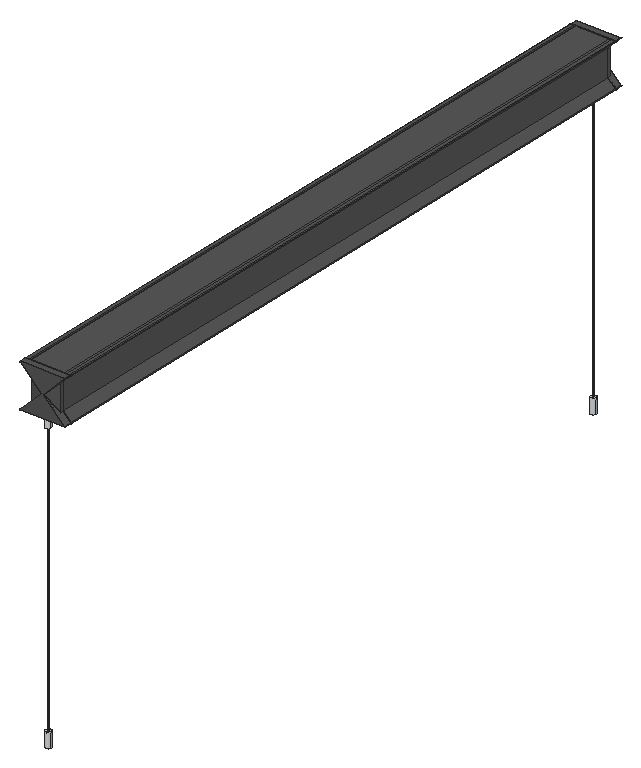
Revit family "LUX-P-DI", category Lighting Fixtures, host Face, Revit 2018
Family settings
  Host = Face
  Round Connector Dimension = Use Diameter
  Part Type = Normal
  Cut with Voids When Loaded = No
  Light Source = Yes
  Shared = Yes
  Room Calculation Point = Yes
Parameters (values of type "4' Direct/ Indirect")
  Wattage = 35.2941 W
  built-in parameter 1150110 = 1 (stored number, unit not read)
  Voltage = 0 V
  built-in parameter 1114217 = 1 (stored number, unit not read)
  Tilt Angle = 90.00°
  built-in parameter 1150109 = 1 (stored number, unit not read)
  built-in parameter 1150134 = 12
  Switch Leg Visibility = no
  Switch Leg [instance] = ""
  Suspension Length [instance] = 2' - 0"
  built-in parameter 1150113 = 1 (stored number, unit not read)
  Photometric Web File = "Lux P-DI 375 375 4 40K.ies"
  Material [instance] = LUX ILLUMINAIRE Black
  built-in parameter 1150105 = 238.73 (stored number, unit not read)
  Lumens = 3000 lm
  built-in parameter 1150115 = 1 (stored number, unit not read)
  built-in parameter 1150137 = (empty or 0)
  built-in parameter 1150139 = (empty or 0)
  built-in parameter 1150112 = 1 (stored number, unit not read)
  built-in parameter 1150114 = 1 (stored number, unit not read)
  Lamp = "LED"
  built-in parameter 1150132 = 2
  built-in parameter 1150102 = (empty or 0)
  built-in parameter 1150107 = 4000 (stored number, unit not read)
  built-in parameter 1150138 = (empty or 0)
  built-in parameter 1150106 = 2.3873 (stored number, unit not read)
  Fixture Width = 0' - 2 1/4"  # constant formula
  Fixture Symbol Visiblity = yes
  Fixture Length = 4' - 0"
  End Cap Height [instance] = Suspension Length - 0' 3 1/16"  # 1' - 8 15/16"
  End Cap - Sculpted = yes
  End Cap - Flat = no
  Emit from Rectangle Width = Fixture Width + 0' 0 1/4"  # 0' - 2 1/2"
  Emit from Rectangle Length = Fixture Length  # 4' - 0"
  Emit Shape Visible in Rendering = yes
  Emergency Lighting [instance] = no
  built-in parameter 1150104 = 7.8968 (stored number, unit not read)
  Dimming Lamp Color Temperature Shift = <None>
  Default Elevation = 4' - 0"
  Color Filter = 16777215
  built-in parameter 1140040 [instance] = 1
  built-in parameter 1114218 = 1 (stored number, unit not read)
  built-in parameter 1150133 = 10 (stored number, unit not read)
  Apparent Load = 24.6 VA
Types (6): name | Wattage | built-in parameter 1150105 | Lumens | built-in parameter 1150106 | Fixture Length | Emit from Rectangle Length | Apparent Load
  3' Direct/ Indirect | 26.4706 W | 179.05 (stored number, unit not read) | 2250 lm | 1.7905 (stored number, unit not read) | 3' - 0" | 3' - 0" | 18.5 VA
  4' Direct/ Indirect | 35.2941 W | 238.73 (stored number, unit not read) | 3000 lm | 2.3873 (stored number, unit not read) | 4' - 0" | 4' - 0" | 24.6 VA
  5' Direct/ Indirect | 44.1176 W | 298.42 (stored number, unit not read) | 3750 lm | 2.9842 (stored number, unit not read) | 5' - 0" | 5' - 0" | 30.7 VA
  6' Direct/ Indirect | 52.9412 W | 358.1 (stored number, unit not read) | 4500 lm | 3.581 (stored number, unit not read) | 6' - 0" | 6' - 0" | 36.9 VA
  7' Direct/ Indirect | 61.7647 W | 417.78 (stored number, unit not read) | 5250 lm | 4.1778 (stored number, unit not read) | 7' - 0" | 7' - 0" | 43 VA
  8' Direct/ Indirect | 70.5882 W | 477.46 (stored number, unit not read) | 6000 lm | 4.7746 (stored number, unit not read) | 8' - 0" | 8' - 0" | 49.2 VA
Reference planes (in)
  plane 1 "Center (Front/Back)": y = 0
  plane 2: z = 0
  plane 3 "Center (Left/Right)": x = 0
  plane 4: x = 1.125
  plane 5: x = -1.125
  plane 6: y = 24
  plane 7: y = -24
  plane 8: z = 24
  plane 9: y = 24.25
  plane 10: y = -24.25
  plane 11: z = 1
  plane 12: z = 20.9375
  plane 13: z = 20.1875
  plane 14: y = 24.5
  plane 15: y = -24.5
Forms (in)
  Extrusion 1, solid
    sketch origin (0, 0, 0) x (1, 0, 0) y (0, 1, 0)
      loop
        circle (0.00029, -24) r 0.1875
    from 0 to 1
  Extrusion 2, solid
    sketch origin (0, 0, 0) x (1, 0, 0) y (0, 1, 0)
      loop
        circle (0.0005, -24) r 0.03125
    from 1 to 20.1875
  Extrusion 3, solid
    sketch origin (0, 0, 0) x (1, 0, 0) y (0, 1, 0)
      loop
        circle (0.0005, -24) r 0.18729
    from 20.1875 to 20.9375
  Extrusion 4, solid, not visible
    sketch origin (0, 0, 0) x (1, 0, 0) y (0, 1, 0)
      loop
        circle (0.00029, -24) r 0.1875
    from 0 to 1
  Extrusion 5, solid, not visible
    sketch origin (0, 0, 0) x (1, 0, 0) y (0, 1, 0)
      loop
        circle (0.0005, -24) r 0.03125
    from 1 to 13.33203
  Extrusion 6, solid, not visible
    sketch origin (0, 0, 0) x (1, 0, 0) y (0, 1, 0)
      loop
        circle (0.0005, -24) r 0.18729
    from 13.33203 to 14.08203
  Extrusion 7, solid
    sketch origin (0, 0, 0) x (1, 0, 0) y (0, 1, 0)
      loop
        circle (0.00029, 24) r 0.1875
    from 0 to 1
  Extrusion 8, solid
    sketch origin (0, 0, 0) x (1, 0, 0) y (0, 1, 0)
      loop
        circle (0.0005, 24) r 0.03125
    from 1 to 20.1875
  Extrusion 9, solid
    sketch origin (0, 0, 0) x (1, 0, 0) y (0, 1, 0)
      loop
        circle (0.0005, 24) r 0.18729
    from 20.1875 to 20.9375
  Extrusion 10, solid, material "LUX ILLUMINAIRE Black" <- "Material", visible <- "End Cap - Flat"
    sketch origin (0, 0, 4.28854) x (1, 0, 0) y (0, 0, 1)
      loop
        line (-1.56538, 19.67407) -> (-1.01751, 19.1262) -> (-1.01751, 17.23374) -> (-1.56538, 16.68586)
        arc (-1.56538, 16.68586) -> (-1.56878, 16.66199) -> (-1.54849, 16.64897) r 0.02231
        line (-1.54849, 16.64897) -> (1.54849, 16.64897)
        arc (1.54849, 16.64897) -> (1.56878, 16.66199) -> (1.56538, 16.68586) r 0.02231
        line (1.56538, 16.68586) -> (1.01895, 17.23374) -> (1.01895, 19.1262) -> (1.56683, 19.67407)
        arc (1.56683, 19.67407) -> (1.56878, 19.69794) -> (1.54849, 19.71097) r 0.02231
        line (1.54849, 19.71097) -> (-1.54849, 19.71097)
        arc (-1.54849, 19.71097) -> (-1.56878, 19.69794) -> (-1.56538, 19.67407) r 0.02231
    from 24 to 24.25
  Extrusion 11, solid, material "LUX ILLUMINAIRE Black" <- "Material", visible <- "End Cap - Flat"
    sketch origin (0, 0, 4.28854) x (1, 0, 0) y (0, 0, -1)
      loop
        arc (-1.56538, -19.67407) -> (-1.56878, -19.69794) -> (-1.54849, -19.71097) r 0.02231
        line (-1.54849, -19.71097) -> (1.54849, -19.71097)
        arc (1.54849, -19.71097) -> (1.56878, -19.69794) -> (1.56683, -19.67407) r 0.02231
        line (1.56683, -19.67407) -> (1.01895, -19.1262) -> (1.01895, -17.23374) -> (1.56538, -16.68586)
        arc (1.56538, -16.68586) -> (1.56878, -16.66199) -> (1.54849, -16.64897) r 0.02231
        line (1.54849, -16.64897) -> (-1.54849, -16.64897)
        arc (-1.54849, -16.64897) -> (-1.56878, -16.66199) -> (-1.56538, -16.68586) r 0.02231
        line (-1.56538, -16.68586) -> (-1.01751, -17.23374) -> (-1.01751, -19.1262) -> (-1.56538, -19.67407)
    from 24 to 24.25
  Extrusion 12, solid, material "LUX ILLUMINAIRE Black" <- "Material"
    sketch origin (-1.08741, 0, 32.34655) x (1, 0, 0) y (0, 0, 1)
      loop
        line (2.40203, -11.40905) -> (2.40203, -11.37776) -> (2.22754, -11.40905) -> (-0.05203, -11.40905) -> (-0.22687, -11.37776) -> (-0.22687, -11.40905) -> (-0.46108, -11.40905)
        arc (-0.46108, -11.40905) -> (-0.48137, -11.39602) -> (-0.47797, -11.37216) r 0.02231
        line (-0.47797, -11.37216) -> (0.0699, -10.82428) -> (0.0699, -8.93182) -> (-0.47797, -8.38394)
        arc (-0.47797, -8.38394) -> (-0.48137, -8.36007) -> (-0.46108, -8.34705) r 0.02231
        line (-0.46108, -8.34705) -> (-0.22687, -8.34705) -> (-0.22687, -8.37833) -> (-0.05255, -8.34714) -> (2.22737, -8.34714) -> (2.40203, -8.3784) -> (2.40203, -8.34711) -> (2.6359, -8.34711)
        arc (2.6359, -8.34711) -> (2.65619, -8.36013) -> (2.6528, -8.384) r 0.02231
        line (2.6528, -8.384) -> (2.10636, -8.93188) -> (2.10636, -10.82434) -> (2.65424, -11.37216)
        arc (2.65424, -11.37216) -> (2.65619, -11.39602) -> (2.6359, -11.40905) r 0.02231
        line (2.6359, -11.40905) -> (2.40813, -11.40905)
    from -24 to 24
  Extrusion 13, solid, material "LUX ILLUMINAIRE Black" <- "Material", visible <- "End Cap - Sculpted"
    sketch origin (0, 0, 4.28901) x (1, 0, 0) y (0, 0, -1)
      loop
        line (-1.54849, -19.71097) -> (1.54849, -19.71097)
        arc (1.54849, -19.71097) -> (1.56878, -19.69794) -> (1.56683, -19.67407) r 0.02231
        line (1.56683, -19.67407) -> (0.07272, -18.17997) -> (1.56538, -16.68586)
        arc (1.56538, -16.68586) -> (1.56878, -16.66199) -> (1.54849, -16.64897) r 0.02231
        line (1.54849, -16.64897) -> (-1.54849, -16.64897)
        arc (-1.54849, -16.64897) -> (-1.56878, -16.66199) -> (-1.56538, -16.68586) r 0.02231
        line (-1.56538, -16.68586) -> (-0.07128, -18.17997) -> (-1.56538, -19.67407)
        arc (-1.56538, -19.67407) -> (-1.56878, -19.69794) -> (-1.54849, -19.71097) r 0.02231
    from 24 to 24.5
  Extrusion 14, solid, material "LUX ILLUMINAIRE Black" <- "Material", visible <- "End Cap - Sculpted"
    sketch origin (0, 0, 0) x (1, 0, 0) y (0, 1, 0)
      loop
        line (-1.01751, 24) -> (1.01895, 24) -> (1.01895, 24.19087) -> (0.07138, 24.47835) -> (-0.07128, 24.47835) -> (-1.01751, 24.19087) -> (-1.01751, 24)
    from 20.9375 <- "End Cap Height" to 24 <- "Suspension Length"
  Extrusion 15, solid, material "LUX ILLUMINAIRE Black" <- "Material", visible <- "End Cap - Sculpted"
    sketch origin (0, 0, 4.28901) x (1, 0, 0) y (0, 0, 1)
      loop
        arc (-1.54849, 19.71097) -> (-1.56878, 19.69794) -> (-1.56538, 19.67407) r 0.02231
        line (-1.56538, 19.67407) -> (-0.07128, 18.17997) -> (-1.56538, 16.68586)
        arc (-1.56538, 16.68586) -> (-1.56878, 16.66199) -> (-1.54849, 16.64897) r 0.02231
        line (-1.54849, 16.64897) -> (1.54849, 16.64897)
        arc (1.54849, 16.64897) -> (1.56878, 16.66199) -> (1.56538, 16.68586) r 0.02231
        line (1.56538, 16.68586) -> (0.07272, 18.17997) -> (1.56683, 19.67407)
        arc (1.56683, 19.67407) -> (1.56878, 19.69794) -> (1.54849, 19.71097) r 0.02231
        line (1.54849, 19.71097) -> (-1.54849, 19.71097)
    from 24 to 24.5
  Extrusion 16, solid, material "LUX ILLUMINAIRE Black" <- "Material", visible <- "End Cap - Sculpted"
    sketch origin (0, 0, 0) x (1, 0, 0) y (0, 1, 0)
      loop
        line (-1.01751, -24) -> (-1.01751, -24.19087) -> (-0.07128, -24.47835) -> (0.07138, -24.47835) -> (1.01895, -24.19087) -> (1.01895, -24) -> (-1.01751, -24)
    from 20.9375 <- "End Cap Height" to 24 <- "Suspension Length"
Cuts and joins
  joined: Extrusion 13, Extrusion 14
  joined: Extrusion 15, Extrusion 16
Lines and regions (in)
  symbolic lines, visible <- "Fixture Symbol Visiblity"
    curve 1: line (-1.125, 24, 0) -> (1.125, 24, 0)
    curve 2: line (-1.125, -24, 0) -> (-1.125, 24, 0)
    curve 3: line (1.125, -24, 0) -> (-1.125, -24, 0)
    curve 4: line (1.125, 24, 0) -> (1.125, -24, 0)
Dimensions and locks (in)
  plane 5 to plane 4 = 0' - 2 1/4"
  equal spacing: plane 7, plane 1 "Center (Front/Back)", plane 6
  "Fixture Length": plane 7 to plane 6
  plane 8 to host face = 2' - 0"
  plane 6 to plane 9 to plane 14 = 0' - 0 1/4" locked, 0' - 0 1/4" locked
  plane 15 to plane 10 to plane 7 = 0' - 0 1/4" locked, 0' - 0 1/4" locked
  plane 8 to plane 12 to plane 13 = 0' - 3 1/16", 0' - 0 3/4"
  "Suspension Length": plane 8 to level
  "Fixture Width": plane 4 to plane 5
  equal spacing: plane 4, plane 3 "Center (Left/Right)", plane 5
  locked: nested 2 to plane 10 at 9.5
  locked: plane 8 to imposter light at 0.10458
  nested 3 to plane 12 = 0' - 0 1/8"
  aligned and locked: plane 2 to host face
  aligned and locked: level to host face
  aligned and locked: plane 12 to Extrusion 9
  aligned and locked: Extrusion 9 to plane 13
  aligned and locked: plane 13 to Extrusion 8
  aligned and locked: plane 12 to Extrusion 3
  aligned and locked: Extrusion 3 to plane 13
  aligned and locked: plane 13 to Extrusion 2
  aligned and locked: plane 7 to nested 1
  aligned and locked: plane 6 to curve 1
  aligned and locked: plane 5 to curve 2
  aligned and locked: curve 3 to plane 7
  aligned and locked: curve 4 to plane 4
  aligned and locked: nested 1 to plane 6
  aligned and locked: Extrusion 13 to plane 14
  aligned and locked: Extrusion 11 to plane 9
  aligned and locked: Extrusion 12 to plane 6
  aligned and locked: plane 6 to Extrusion 11
  aligned and locked: plane 6 to Extrusion 13
  aligned and locked: plane 15 to Extrusion 15
  aligned and locked: plane 10 to Extrusion 10
  aligned and locked: plane 7 to Extrusion 12
  aligned and locked: Extrusion 10 to plane 7
  aligned and locked: Extrusion 15 to plane 7
Automatic sketch dimensions
  host sketch curve to host sketch curve = 8' - 0"  (x2)
  plane 7 to Extrusion 1 sketch curve = 0' - 0"
  plane 3 "Center (Left/Right)" to Extrusion 1 sketch curve = 0' - 0.00029"
  plane 7 to Extrusion 2 sketch curve = 0' - 0"
  plane 3 "Center (Left/Right)" to Extrusion 2 sketch curve = 0' - 0.0005"
  plane 7 to Extrusion 3 sketch curve = 0' - 0"
  plane 3 "Center (Left/Right)" to Extrusion 3 sketch curve = 0' - 0.0005"
  plane 6 to Extrusion 7 sketch curve = 0' - 0"
  plane 3 "Center (Left/Right)" to Extrusion 7 sketch curve = 0' - 0.00029"
  plane 6 to Extrusion 8 sketch curve = 0' - 0"
  plane 3 "Center (Left/Right)" to Extrusion 8 sketch curve = 0' - 0.0005"
  plane 6 to Extrusion 9 sketch curve = 0' - 0"
  plane 3 "Center (Left/Right)" to Extrusion 9 sketch curve = 0' - 0.0005"
  Extrusion 10 sketch curve to plane 8 = 0' - 0.03739"  (x2)
  Extrusion 10 sketch curve to plane 5 = 0' - 0.44038"  (x2)
  Extrusion 10 sketch curve to Extrusion 10 sketch curve = 0' - 0.01689"  (x4)
  Extrusion 10 sketch curve to plane 8 = 0' - 0.0005"
  plane 5 to Extrusion 10 sketch curve = 0' - 0.10749"
  Extrusion 10 sketch curve to plane 4 = 0' - 0.10605"
  plane 4 to Extrusion 10 sketch curve = 0' - 0.42349"  (x2)
  Extrusion 10 sketch curve to plane 8 = 0' - 0.02281"
  Extrusion 10 sketch curve to plane 8 = 0' - 0.58527"  (x2)
  plane 12 to Extrusion 10 sketch curve = 0' - 0.58477"  (x2)
  Extrusion 10 sketch curve to Extrusion 10 sketch curve = 0' - 0.54788"
  Extrusion 10 sketch curve to Extrusion 10 sketch curve = 0' - 0.01458"
  Extrusion 10 sketch curve to Extrusion 10 sketch curve = 0' - 0.02231"
  Extrusion 10 sketch curve to Extrusion 10 sketch curve = 0' - 0.00145"  (x2)
  Extrusion 10 sketch curve to Extrusion 10 sketch curve = 0' - 0"
  Extrusion 11 sketch curve to plane 8 = 0' - 0.03739"  (x2)
  Extrusion 11 sketch curve to plane 5 = 0' - 0.44038"  (x2)
  Extrusion 11 sketch curve to Extrusion 11 sketch curve = 0' - 0.01689"  (x4)
  Extrusion 11 sketch curve to plane 8 = 0' - 0.0005"
  plane 5 to Extrusion 11 sketch curve = 0' - 0.10749"
  Extrusion 11 sketch curve to plane 4 = 0' - 0.10605"
  plane 4 to Extrusion 11 sketch curve = 0' - 0.42349"  (x2)
  Extrusion 11 sketch curve to plane 8 = 0' - 0.02281"
  Extrusion 11 sketch curve to plane 8 = 0' - 0.58527"  (x2)
  plane 12 to Extrusion 11 sketch curve = 0' - 0.58477"  (x2)
  Extrusion 11 sketch curve to Extrusion 11 sketch curve = 0' - 0.54788"
  Extrusion 11 sketch curve to Extrusion 11 sketch curve = 0' - 0.56246"
  Extrusion 11 sketch curve to Extrusion 11 sketch curve = 0' - 0.01458"
  Extrusion 11 sketch curve to Extrusion 11 sketch curve = 0' - 0.00145"  (x2)
  Extrusion 11 sketch curve to Extrusion 11 sketch curve = 0' - 0"
  Extrusion 12 sketch curve to plane 5 = 0' - 0.44038"  (x2)
  Extrusion 12 sketch curve to plane 8 = 0' - 0.03739"
  Extrusion 12 sketch curve to Extrusion 12 sketch curve = 0' - 0.01689"  (x4)
  Extrusion 12 sketch curve to plane 8 = 0' - 0.0005"
  Extrusion 12 sketch curve to plane 5 = 0' - 0.18928"  (x2)
  Extrusion 12 sketch curve to plane 8 = 0' - 0.00059"
  Extrusion 12 sketch curve to plane 5 = 0' - 0.01496"
  Extrusion 12 sketch curve to plane 5 = 0' - 0.01445"
  plane 5 to Extrusion 12 sketch curve = 0' - 0.10749"
  Extrusion 12 sketch curve to plane 4 = 0' - 0.10605"
  plane 4 to Extrusion 12 sketch curve = 0' - 0.01496"
  plane 4 to Extrusion 12 sketch curve = 0' - 0.01513"
  Extrusion 12 sketch curve to plane 8 = 0' - 0.03184"
  Extrusion 12 sketch curve to Extrusion 12 sketch curve = 0' - 0.17466"
  Extrusion 12 sketch curve to Extrusion 12 sketch curve = 0' - 0.17449"
  Extrusion 12 sketch curve to Extrusion 12 sketch curve = 0' - 0.23387"  (x2)
  Extrusion 12 sketch curve to plane 8 = 0' - 0.02287"
  Extrusion 12 sketch curve to plane 8 = 0' - 0.58527"
  Extrusion 12 sketch curve to plane 8 = 0' - 0.58533"
  plane 12 to Extrusion 12 sketch curve = 0' - 0.58477"
  plane 12 to Extrusion 12 sketch curve = 0' - 0.58471"
  Extrusion 12 sketch curve to Extrusion 12 sketch curve = 0' - 0.54788"
  Extrusion 12 sketch curve to Extrusion 12 sketch curve = 0' - 0.55342"
  Extrusion 12 sketch curve to Extrusion 12 sketch curve = 0' - 0.00561"
  Extrusion 12 sketch curve to Extrusion 12 sketch curve = 0' - 0.01458"
  Extrusion 12 sketch curve to Extrusion 12 sketch curve = 0' - 0.00897"
  Extrusion 12 sketch curve to Extrusion 12 sketch curve = 0' - 0.02231"
  Extrusion 12 sketch curve to Extrusion 12 sketch curve = 0' - 0"  (x3)
  Extrusion 12 sketch curve to Extrusion 12 sketch curve = 0' - 0.03129"
  Extrusion 12 sketch curve to plane 8 = 0' - 0.00056"
  Extrusion 12 sketch curve to Extrusion 12 sketch curve = 0' - 0.0061"
  Extrusion 12 sketch curve to plane 8 = 0' - 0.03745"
  Extrusion 12 sketch curve to Extrusion 12 sketch curve = 0' - 0.00145"  (x2)
  Extrusion 13 sketch curve to plane 5 = 0' - 0.44038"  (x2)
  Extrusion 13 sketch curve to plane 8 = 0' - 0.03692"  (x2)
  Extrusion 13 sketch curve to Extrusion 13 sketch curve = 0' - 0.01689"  (x4)
  Extrusion 13 sketch curve to plane 3 "Center (Left/Right)" = 0' - 0.07128"
  plane 3 "Center (Left/Right)" to Extrusion 13 sketch curve = 0' - 0.07272"
  plane 4 to Extrusion 13 sketch curve = 0' - 0.42349"  (x2)
  Extrusion 13 sketch curve to plane 8 = 0' - 0.00003"
  Extrusion 13 sketch curve to Extrusion 13 sketch curve = 0' - 0.02231"
  Extrusion 13 sketch curve to plane 8 = 0' - 1.53103"
  Extrusion 13 sketch curve to Extrusion 13 sketch curve = 0' - 0"
  plane 12 to Extrusion 13 sketch curve = 0' - 0.02279"
  Extrusion 13 sketch curve to Extrusion 13 sketch curve = 0' - 0.01458"
  Extrusion 13 sketch curve to Extrusion 13 sketch curve = 0' - 0.00145"  (x2)
  Extrusion 15 sketch curve to plane 5 = 0' - 0.44038"  (x2)
  Extrusion 15 sketch curve to plane 8 = 0' - 0.03692"  (x2)
  Extrusion 15 sketch curve to Extrusion 15 sketch curve = 0' - 0.01689"  (x4)
  Extrusion 15 sketch curve to plane 3 "Center (Left/Right)" = 0' - 0.07128"
  plane 3 "Center (Left/Right)" to Extrusion 15 sketch curve = 0' - 0.07272"
  plane 4 to Extrusion 15 sketch curve = 0' - 0.42349"  (x2)
  Extrusion 15 sketch curve to plane 8 = 0' - 0.00003"
  plane 12 to Extrusion 15 sketch curve = 0' - 0.02279"
  Extrusion 15 sketch curve to Extrusion 15 sketch curve = 0' - 0.01458"
  Extrusion 15 sketch curve to plane 8 = 0' - 1.53103"
  Extrusion 15 sketch curve to Extrusion 15 sketch curve = 0' - 0"
  Extrusion 15 sketch curve to Extrusion 15 sketch curve = 0' - 0.02231"
  Extrusion 15 sketch curve to Extrusion 15 sketch curve = 0' - 0.00145"  (x2)
  plane 7 to Extrusion 16 sketch curve = 0' - 0"
  plane 5 to Extrusion 16 sketch curve = 0' - 0.10749"
  Extrusion 16 sketch curve to plane 15 = 0' - 0.02165"
  Extrusion 16 sketch curve to plane 3 "Center (Left/Right)" = 0' - 0.07128"
  plane 3 "Center (Left/Right)" to Extrusion 16 sketch curve = 0' - 0.07138"
  Extrusion 16 sketch curve to plane 4 = 0' - 0.10605"
  Extrusion 16 sketch curve to plane 10 = 0' - 0.05913"  (x2)
  plane 6 to Extrusion 14 sketch curve = 0' - 0"
  plane 5 to Extrusion 14 sketch curve = 0' - 0.10749"
  plane 14 to Extrusion 14 sketch curve = 0' - 0.02165"
  Extrusion 14 sketch curve to plane 3 "Center (Left/Right)" = 0' - 0.07128"
  plane 3 "Center (Left/Right)" to Extrusion 14 sketch curve = 0' - 0.07138"
  Extrusion 14 sketch curve to plane 4 = 0' - 0.10605"
  plane 9 to Extrusion 14 sketch curve = 0' - 0.05913"  (x2)
  radius of Extrusion 1 sketch curve = 0' - 0 3/16"
  radius of Extrusion 2 sketch curve = 0' - 0 1/32"
  radius of Extrusion 3 sketch curve = 0' - 0.18729"
  radius of Extrusion 4 sketch curve = 0' - 0 3/16"
  radius of Extrusion 5 sketch curve = 0' - 0 1/32"
  radius of Extrusion 6 sketch curve = 0' - 0.18729"
  radius of Extrusion 7 sketch curve = 0' - 0 3/16"
  radius of Extrusion 8 sketch curve = 0' - 0 1/32"
  radius of Extrusion 9 sketch curve = 0' - 0.18729"
Nested families (in)
  nested 1: "Emergency Symbol Rectangle" at (-10.88584, 0, 0) x (0, 1, 0) z (0, 0, 1), visible <- "Emergency Lighting", type "Emergency Symbol Rectangle"
    with Width 0' - 8.52168", Length 4' - 0"
  nested 2: "Switch Leg Annotation" at (9.99627, -14.75, 0) x (0, 1, 0) z (0, 0, 1), visible <- "Switch Leg Visibility", Switch Leg Annotation <- "Switch Leg", type "Switch Leg Annotation"
    with Switch Leg Annotation ""
  nested 3: "Indirect Light Source 2" at (-8.67032, 0.00882, -33.1875) x (0, 1, 0) z (0, 0, 1), type "Indirect Light Source 2"
Connectors (in)
  electrical at (0.00029, 24, 0), driven by "Apparent Load", driven by "Voltage"
    settings: on Extrusion 7, index 1, voltage 0 V, apparent load 0 VA, apparent load phase1 24.6 VA, apparent load phase2 0 VA, apparent load phase3 0 VA, power factor 1, load classification "Other", number of poles 1, system type 31, power factor state 1, is connector primary yes, connector utility no, sub classification motor no, connector description ""
Definition of nested family "Emergency Symbol Rectangle"
  Parameters (values of type "Emergency Symbol Rectangle")
    Width [instance] = 0' - 8 1/2"
    Length [instance] = 5' - 0"
    Emergency Visibility = no
  Reference planes (in)
    plane 1 "Center (Front/Back)": y = -7.75
    plane 2: z = 0
    plane 3 "Center (Left/Right)": x = -24
    plane 4: x = 24
    plane 5: x = -36
    plane 6: y = -3.5
    plane 7: y = -12
  Lines and regions (in)
    Filled region 1, type "Solid Fill - Black", in view "Ref. Level", detail levels coarse+medium
      outline origin (0, 0.25, 0) x (1, 0, 0) y (0, 1, 0)
        loop
          line (-36, -12.25) -> (24, -12.25) -> (-36, -10.125) -> (-36, -12.25)
  Dimensions and locks (in)
    equal spacing: plane 7, plane 1 "Center (Front/Back)", plane 6
    "Width": plane 7 to plane 6
    "Length": plane 5 to plane 4
    aligned and locked: plane 5 to Filled region 1
  Automatic sketch dimensions
    plane 1 "Center (Front/Back)" to Filled region 1 sketch curve = 0' - 2 1/8"
    Filled region 1 sketch curve to plane 3 "Center (Left/Right)" = 1' - 0"
    Filled region 1 sketch curve to plane 4 = 0' - 0"
    Filled region 1 sketch curve to plane 7 = 0' - 0"
Definition of nested family "Switch Leg Annotation"
  Parameters (values of type "Switch Leg Annotation")
    Switch Leg Annotation [instance] = ""
  Reference planes (in)
    plane 1: y = 0
    plane 2: x = 0
  Text (in)
    label "a" at (0.00527, 0.01239, 0), shows "Switch Leg Annotation"
Definition of nested family "Indirect Light Source 2"
  Parameters (values of type "Indirect Light Source 2")
    Wattage = 20 W
    built-in parameter 1150110 = 1 (stored number, unit not read)
    built-in parameter 1114217 = 1 (stored number, unit not read)
    built-in parameter 1150109 = 1 (stored number, unit not read)
    built-in parameter 1150134 = (empty or 0)
    built-in parameter 1150113 = 1 (stored number, unit not read)
    Lumens = 1700 lm
    built-in parameter 1150115 = 1 (stored number, unit not read)
    built-in parameter 1150105 = 541.13 (stored number, unit not read)
    Light Source Symbol Size = 2' - 0"
    built-in parameter 1150137 = (empty or 0)
    built-in parameter 1150139 = (empty or 0)
    built-in parameter 1150112 = 1 (stored number, unit not read)
    built-in parameter 1150114 = 1 (stored number, unit not read)
    built-in parameter 1150132 = (empty or 0)
    built-in parameter 1150102 = (empty or 0)
    built-in parameter 1150138 = (empty or 0)
    built-in parameter 1150107 = 3500 (stored number, unit not read)
    built-in parameter 1150106 = 5.4113 (stored number, unit not read)
    Emit from Rectangle Width = 0' - 4 3/16"
    Emit from Rectangle Length = 7' - 11 1/2"
    Emit Shape Visible in Rendering = yes
    built-in parameter 1150104 = 7.8968 (stored number, unit not read)
    Dimming Lamp Color Temperature Shift = (empty or 0)
    Color Filter = 16777215
    built-in parameter 1114218 = 1 (stored number, unit not read)
    built-in parameter 1150133 = 10 (stored number, unit not read)
  Reference planes (in)
    plane 1 "Light Source Axis (F/B)": y = -8.60801
    plane 2: z = 0
    plane 3 "Light Source Axis (L/R)": x = 0
    plane 4 "Light Source Elevation": z = 54
    plane 5: z = 0
  Lines and regions (in)
    model lines
      curve 1: line (-22, -8.60801, 54) -> (21, -8.60801, 54)
  Dimensions and locks (in)
    aligned and locked: plane 3 "Light Source Axis (L/R)" to imposter light
    aligned and locked: level to plane 5
